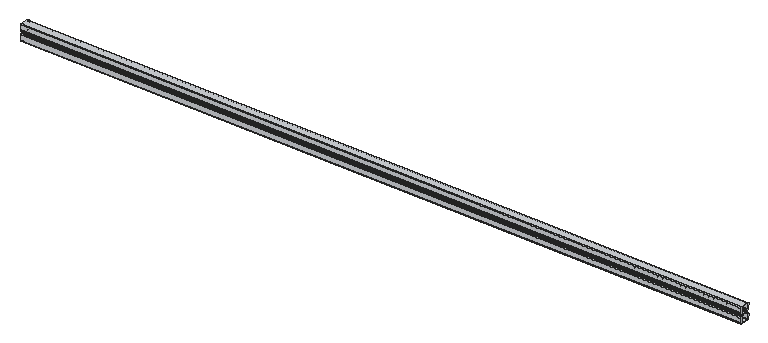
Revit family "43Z1.5x2.50 Web", category Structural Framing, Revit 2020
Family settings
  Section Shape = Not Defined
  Material for Model Behavior = Steel
  Always export as geometry = No
  OmniClass Number = 23.25.30.11.14.14
  OmniClass Title = Beams
  Always vertical = Yes
  Cut with Voids When Loaded = No
  Symbolic Representation = From Family
  Shared = No
  Show family pre-cut in plan views = Yes
Parameters
  Weight lbs per ft [instance] = 1.3483
  URL = "https://www.trussteel.com/details_files/pdf/ts010a.pdf"
  Total Member Weight lbs [instance] = Length / 1' 0" * Weight lbs per ft  # 13.483
  Structural Material = ASTM A653 SS Grade 40 G90
  Steel Design Thickness (in) [instance] = 0.0451
  Model = "43Z1.5x2.50"
  Manufacturer = "TrusSteel"
  Length [instance] = 10' - 0"
  Fy (ksi) [instance] = 40
  Fu (ksi) [instance] = 55
  Description = "Z Web"
  Cross Section Area (in2) [instance] = 0.3966
  Beam Width = 0' - 1 1/2"
  Beam Height = 0' - 2 1/2"
Reference planes (in)
  plane 1 "Center (Front/Back)": y = 0
  plane 2 "Center El.": z = 0
  plane 3 "Center (Left/Right)": x = 0
  plane 4 "Left": x = -60
  plane 5 "Right": x = 60
Forms (in)
  Extrusion 1, solid
    sketch origin (0, 0, 0) x (0, 1, 0) y (0, 0, 1)
      loop
        line (-0.6337, -1.25) -> (0.6337, -1.25)
        arc (0.6337, -1.25) -> (0.71594, -1.21594) -> (0.75, -1.1337) r 0.1163
        line (0.75, -1.1337) -> (0.75, -0.3663)
        arc (0.75, -0.3663) -> (0.74115, -0.32179) -> (0.71594, -0.28406) r 0.1163
        line (0.71594, -0.28406) -> (0.44339, -0.01151)
        arc (0.44339, -0.01151) -> (0.40566, 0.0137) -> (0.36115, 0.02255) r 0.1163
        line (0.36115, 0.02255) -> (-0.36115, 0.02255)
        arc (-0.36115, 0.02255) -> (-0.3884, 0.02797) -> (-0.4115, 0.0434) r 0.0712
        line (-0.4115, 0.0434) -> (-0.68405, 0.31595)
        arc (-0.68405, 0.31595) -> (-0.69948, 0.33905) -> (-0.7049, 0.3663) r 0.0712
        line (-0.7049, 0.3663) -> (-0.7049, 1.1337)
        arc (-0.7049, 1.1337) -> (-0.68405, 1.18405) -> (-0.6337, 1.2049) r 0.0712
        line (-0.6337, 1.2049) -> (0.6337, 1.2049)
        arc (0.6337, 1.2049) -> (0.68405, 1.18405) -> (0.7049, 1.1337) r 0.0712
        line (0.7049, 1.1337) -> (0.7049, 0.3663)
        arc (0.7049, 0.3663) -> (0.68405, 0.31595) -> (0.6337, 0.2951) r 0.0712
        line (0.6337, 0.2951) -> (0.375, 0.2951) -> (0.375, 0.25) -> (0.6337, 0.25)
        arc (0.6337, 0.25) -> (0.71594, 0.28406) -> (0.75, 0.3663) r 0.1163
        line (0.75, 0.3663) -> (0.75, 1.1337)
        arc (0.75, 1.1337) -> (0.71594, 1.21594) -> (0.6337, 1.25) r 0.1163
        line (0.6337, 1.25) -> (-0.6337, 1.25)
        arc (-0.6337, 1.25) -> (-0.71594, 1.21594) -> (-0.75, 1.1337) r 0.1163
        line (-0.75, 1.1337) -> (-0.75, 0.3663)
        arc (-0.75, 0.3663) -> (-0.74115, 0.32179) -> (-0.71594, 0.28406) r 0.1163
        line (-0.71594, 0.28406) -> (-0.44339, 0.01151)
        arc (-0.44339, 0.01151) -> (-0.40566, -0.0137) -> (-0.36115, -0.02255) r 0.1163
        line (-0.36115, -0.02255) -> (0.36115, -0.02255)
        arc (0.36115, -0.02255) -> (0.3884, -0.02797) -> (0.4115, -0.0434) r 0.0712
        line (0.4115, -0.0434) -> (0.68405, -0.31595)
        arc (0.68405, -0.31595) -> (0.69948, -0.33905) -> (0.7049, -0.3663) r 0.0712
        line (0.7049, -0.3663) -> (0.7049, -1.1337)
        arc (0.7049, -1.1337) -> (0.68405, -1.18405) -> (0.6337, -1.2049) r 0.0712
        line (0.6337, -1.2049) -> (-0.6337, -1.2049)
        arc (-0.6337, -1.2049) -> (-0.68405, -1.18405) -> (-0.7049, -1.1337) r 0.0712
        line (-0.7049, -1.1337) -> (-0.7049, -0.3663)
        arc (-0.7049, -0.3663) -> (-0.68405, -0.31595) -> (-0.6337, -0.2951) r 0.0712
        line (-0.6337, -0.2951) -> (-0.375, -0.2951) -> (-0.375, -0.25) -> (-0.6337, -0.25)
        arc (-0.6337, -0.25) -> (-0.71594, -0.28406) -> (-0.75, -0.3663) r 0.1163
        line (-0.75, -0.3663) -> (-0.75, -1.1337)
        arc (-0.75, -1.1337) -> (-0.71594, -1.21594) -> (-0.6337, -1.25) r 0.1163
    from -60 to 60
Dimensions and locks (in)
  equal spacing: plane 4 "Left", plane 3 "Center (Left/Right)", plane 5 "Right"
  "Length": plane 4 "Left" to plane 5 "Right"
  "Beam Width": Extrusion 1 to Extrusion 1
  "Beam Height": Extrusion 1 to Extrusion 1
  aligned and locked: level to plane 2 "Center El."
  aligned and locked: Extrusion 1 to plane 5 "Right"
  aligned and locked: plane 4 "Left" to Extrusion 1
Automatic sketch dimensions
  Extrusion 1 sketch curve to Extrusion 1 sketch curve = 0' - 0"  (x20)
  level to Extrusion 1 sketch curve = 0' - 0.3663"
  plane 1 "Center (Front/Back)" to Extrusion 1 sketch curve = 0' - 0 3/4"  (x2)
  level to Extrusion 1 sketch curve = 0' - 0.28406"
  Extrusion 1 sketch curve to Extrusion 1 sketch curve = 0' - 0.03406"
  Extrusion 1 sketch curve to Extrusion 1 sketch curve = 0' - 0.0451"  (x2)
  level to Extrusion 1 sketch curve = 0' - 0.31595"
  Extrusion 1 sketch curve to Extrusion 1 sketch curve = 0' - 0.0712"  (x4)
  level to Extrusion 1 sketch curve = 0' - 0.01151"
  Extrusion 1 sketch curve to Extrusion 1 sketch curve = 0' - 0.19031"
  level to Extrusion 1 sketch curve = 0' - 0.0434"
  Extrusion 1 sketch curve to Extrusion 1 sketch curve = 0' - 0.03189"
  Extrusion 1 sketch curve to Extrusion 1 sketch curve = 0' - 0.2587"  (x2)
  Extrusion 1 sketch curve to Extrusion 1 sketch curve = 0' - 0.05035"  (x3)
  Extrusion 1 sketch curve to level = 0' - 0.02255"
  Extrusion 1 sketch curve to plane 1 "Center (Front/Back)" = 0' - 0.36115"
  Extrusion 1 sketch curve to Extrusion 1 sketch curve = 0' - 0.01385"
  Extrusion 1 sketch curve to level = 0' - 0.0434"
  Extrusion 1 sketch curve to level = 0' - 0.01151"
  Extrusion 1 sketch curve to plane 1 "Center (Front/Back)" = 0' - 0.6337"  (x2)
  Extrusion 1 sketch curve to Extrusion 1 sketch curve = 0' - 0.27255"
  Extrusion 1 sketch curve to level = 0' - 0.31595"
  Extrusion 1 sketch curve to Extrusion 1 sketch curve = 0' - 0.02085"
  Extrusion 1 sketch curve to level = 0' - 0.28406"
  Extrusion 1 sketch curve to level = 0' - 0.3663"
  Extrusion 1 sketch curve to Extrusion 1 sketch curve = 0' - 0.7674"  (x2)
  level to Extrusion 1 sketch curve = 0' - 0 1/4"
